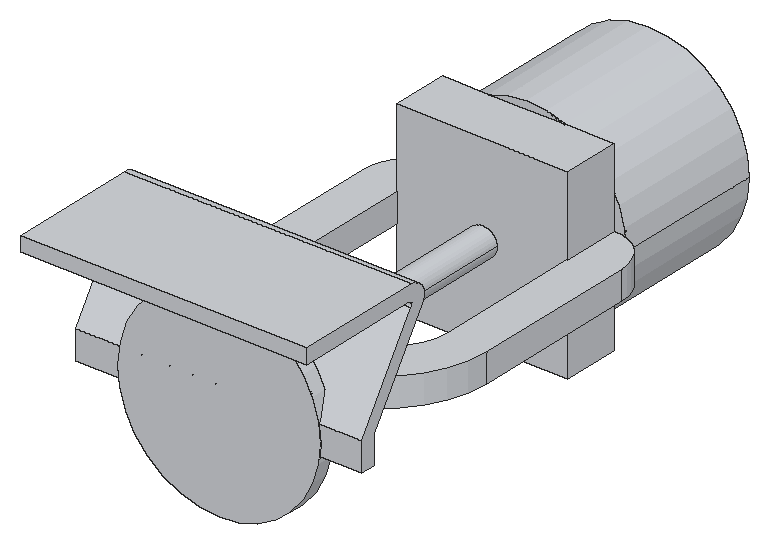
Revit family
Parameters (values of type "RASCO F1FR56 HSW")
  Temperature Rating = 286 °F
  Response = 1
  RASCO SIN # = "RA1435"
  RASCO Part # = "F1FR56H3B"
  Pressure Rating = "175 PSI"
  Pressure Class = (empty or 0)
  Orifice Size = 1/2"
  Orifice = (empty or 0)
  Model = "F1FR56"
  Manufacturer = "RASCO"
  K-Factor = 5.6
  Description = "Bronze Finish"
  Coverage = (empty or 0)
Reference planes (in)
  plane 1 "Center (Front/Back)": y = 0
  plane 2: z = 0
  plane 3 "Center (Left/Right)": x = 0
Dimensions and locks (in)
  aligned and locked: plane 2 to level
Nested families (in)
  nested 1: "F1FR56H3B" at (0, 0, -0.42222), type "RASCO F1FR56 HSW"
Connectors (in)
  piping at (-0.01236, 1.34926, 0.83362)
    settings: on nested 1, index 1, connector radius 115/256", flow factor 0, pipe flow 0 GPM, pressure drop 0.00 psi, fitting loss kfactor 0, connector angle 0.00°, fixture units 0, flow configuration 0, flow direction 0, fitting loss method 0, system type 7, connector reference index -1, connector utility 0, adjustable connector no, is connector primary yes, fitting loss table "", connector description ""
Definition of nested family "F1FR56H3B"
  Parameters (values of type "RASCO F1FR56 HSW")
    Type Comments = ""
    Temperature Rating = 0 °F
    Response = (empty or 0)
    Pressure Rating = "0"
    Pressure Class = (empty or 0)
    Orifice Size = 0"
    Orifice = (empty or 0)
    Model = ""
    Manufacturer = ""
    K-Factor = 0
    Description = ""
    Coverage = (empty or 0)
    Assembly Code = ""
  Reference planes (in)
    plane 1 "Center (Front/Back)": y = 0
    plane 2: z = 0
    plane 3 "ref.2": z = 0.6875
    plane 4 "ref.3": z = 0.9375
    plane 5: x = -0.38065
    plane 6: x = 0.36935
    plane 7 "ref. side 1": y = 0.06402
    plane 8 "ref. side 2": y = -0.06098
    plane 9 "ref.4": z = 1.875
    plane 10 "ref.5": z = 2.3125
    plane 11 "ref.6": z = 2.4375
    plane 12 "center": x = -0.00574
  Forms (in)
    Extrusion 1, solid
      sketch origin (-0.01236, 1.37309, 1.25584) x (-1, 0, 0) y (0, 0, -1)
        loop
          circle (0, 0) r 0.4379
      from 0.02383 to 0.6875
    Extrusion 2, solid
      sketch origin (0.10949, 0.68559, 1.20407) x (-1, 0, 0) y (0, 0, -1)
        loop
          line (-0.2588, 0.356) -> (-0.2588, -0.4565) -> (0.4912, -0.4565) -> (0.4912, 0.356) -> (-0.2588, 0.356)
      from 0 to 0.25
    Extrusion 3, solid
      sketch origin (-0.01236, 1.3722, 1.25584) x (-1, 0, 0) y (0, -1, 0)
        loop
          line (-0.38065, 0.68754) -> (-0.38065, 1.58397)
          arc (-0.38065, 1.58397) -> (-0.29541, 1.78976) -> (-0.08962, 1.875) r 0.29103
          line (-0.08962, 1.875) -> (0.07524, 1.875)
          arc (0.07524, 1.875) -> (0.28321, 1.78886) -> (0.36935, 1.58089) r 0.29411
          line (0.36935, 1.58089) -> (0.36935, 0.68751)
          arc (0.36935, 0.68751) -> (0.50207, 0.74393) -> (0.55685, 0.87734) r 0.18984
          line (0.55685, 0.87734) -> (0.55685, 1.61676)
          arc (0.55685, 1.61676) -> (0.42629, 1.93194) -> (0.11111, 2.0625) r 0.44574
          line (0.11111, 2.0625) -> (-0.12259, 2.0625)
          arc (-0.12259, 2.0625) -> (-0.43765, 1.932) -> (-0.56815, 1.61694) r 0.44556
          line (-0.56815, 1.61694) -> (-0.56815, 0.87876)
          arc (-0.56815, 0.87876) -> (-0.51345, 0.74486) -> (-0.38065, 0.68754) r 0.19126
      from -0.06402 to 0.06098
    Extrusion 4, solid
      sketch origin (-0.01236, 0.43559, 1.25584) x (1, 0, 0) y (0, 0, 1)
        loop
          circle (0.00574, -0.00152) r 0.0625
      from 0 to 0.9375
    Extrusion 5, solid
      sketch origin (-0.01236, -0.50191, 1.25584) x (1, 0, 0) y (0, 0, 1)
        loop
          circle (0.00574, -0.00152) r 0.1875
      from 0 to 0.4375
    Extrusion 6, solid
      sketch origin (-0.01236, -0.89954, 1.2504) x (-1, 0, 0) y (0, 0, 1)
        loop
          circle (-0.00574, -0.00152) r 0.44275
      from -0.10531 to -0.03987
    Extrusion 7, solid
      sketch origin (-0.00662, 1.2679, 1.26334) x (0, -1, 0) y (0, 0, 1)
        loop
          line (2.27263, -0.06402) -> (2.27263, 0.06098) -> (2.00466, 0.4658)
          arc (2.00466, 0.4658) -> (2.00382, 0.48409) -> (2.01953, 0.49348) r 0.01783
          line (2.01953, 0.49348) -> (2.57559, 0.49348) -> (2.57559, 0.55848) -> (2.00257, 0.55848)
          arc (2.00257, 0.55848) -> (1.94355, 0.52319) -> (1.9467, 0.4545) r 0.067
          line (1.9467, 0.4545) -> (2.20719, 0.06098) -> (2.20719, -0.06402) -> (2.27263, -0.06402)
      from -0.62515 to 0.62904
  Cuts and joins
    joined: Extrusion 1, Extrusion 2, Extrusion 4
